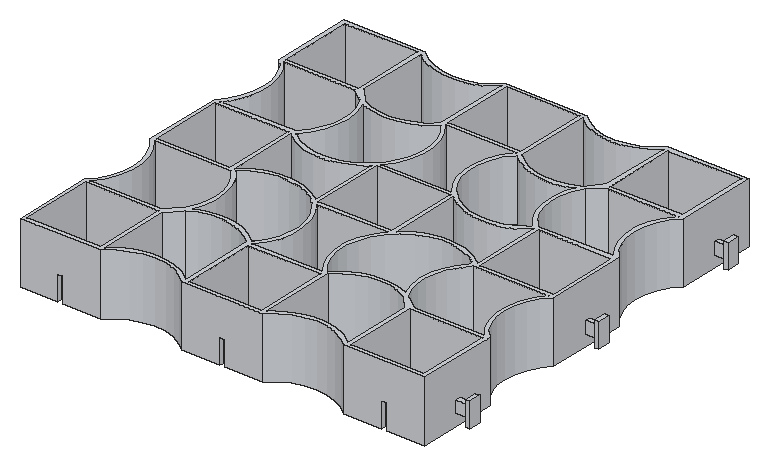
Revit family "E50", category Generic Models, Revit 2014
Parameters
  Model = "Ecoraster E50"
Reference planes
  plane 1 "Center (Front/Back)": y = 0
  plane 2: z = 0
  plane 3 "Center (Left/Right)": x = 0
  plane 4: y = 165
  plane 5: y = 297
  plane 6: y = 33
  plane 7: x = 33
  plane 8: x = 165
  plane 9: x = 297
  plane 10: y = 302
  plane 11: y = 292
  plane 12: y = 299
  plane 13: y = 295
Forms (mm)
  Extrusion 1, solid, detail levels fine
    sketch origin (0, 0, 0) x (1, 0, 0) y (0, 1, 0)
      loop
        line (66, 330) -> (0, 330) -> (0, 264)
        arc (0, 264) -> (13.669, 231) -> (0, 198) r 46.669
        line (0, 198) -> (0, 132)
        arc (0, 132) -> (13.669, 99) -> (0, 66) r 46.669
        line (0, 66) -> (0, 0) -> (66, 0)
        arc (66, 0) -> (99, 13.669) -> (132, 0) r 46.669
        line (132, 0) -> (198, 0)
        arc (198, 0) -> (231, 13.669) -> (264, 0) r 46.669
        line (264, 0) -> (330, 0) -> (330, 66)
        arc (330, 66) -> (316.331, 99) -> (330, 132) r 46.669
        line (330, 132) -> (330, 198)
        arc (330, 198) -> (316.331, 231) -> (330, 264) r 46.669
        line (330, 264) -> (330, 330) -> (264, 330)
        arc (264, 330) -> (231, 316.331) -> (198, 330) r 46.669
        line (198, 330) -> (132, 330)
        arc (132, 330) -> (99, 316.331) -> (66, 330) r 46.669
      loop
        line (3, 327) -> (3, 267) -> (63, 267) -> (63, 327) -> (3, 327)
      loop
        line (66, 325.878) -> (66, 268.122) -> (75.524, 256.665)
        arc (75.524, 256.665) -> (105.011, 250.72) -> (132, 264) r 46.669
        line (132, 264) -> (132, 325.878)
        arc (132, 325.878) -> (99, 313.331) -> (66, 325.878) r 49.669
      loop
        line (195, 327) -> (135, 327) -> (135, 267) -> (195, 267) -> (195, 327)
      loop
        line (198, 325.878) -> (198, 264)
        arc (198, 264) -> (224.989, 250.72) -> (254.476, 256.665) r 46.669
        line (254.476, 256.665) -> (264, 268.122) -> (264, 325.878)
        arc (264, 325.878) -> (231, 313.331) -> (198, 325.878) r 49.669
      loop
        line (327, 327) -> (267, 327) -> (267, 267) -> (327, 267) -> (327, 327)
      loop
        line (61.878, 264) -> (4.122, 264)
        arc (4.122, 264) -> (16.669, 231) -> (4.122, 198) r 49.669
        line (4.122, 198) -> (66, 198)
        arc (66, 198) -> (79.28, 224.989) -> (73.335, 254.476) r 46.669
        line (73.335, 254.476) -> (61.878, 264)
      loop
        arc (78.021, 251.979) -> (81.922, 222.416) -> (68.19, 195.947) r 49.669
        arc (68.19, 195.947) -> (132, 198) -> (134.053, 261.81) r 46.669
        arc (134.053, 261.81) -> (107.584, 248.078) -> (78.021, 251.979) r 49.669
      loop
        arc (136.122, 264) -> (148.669, 231) -> (136.122, 198) r 49.669
        line (136.122, 198) -> (193.878, 198)
        arc (193.878, 198) -> (181.331, 231) -> (193.878, 264) r 49.669
        line (193.878, 264) -> (136.122, 264)
      loop
        arc (195.947, 261.81) -> (198, 198) -> (261.81, 195.947) r 46.669
        arc (261.81, 195.947) -> (248.078, 222.416) -> (251.979, 251.979) r 49.669
        arc (251.979, 251.979) -> (222.416, 248.078) -> (195.947, 261.81) r 49.669
      loop
        line (268.122, 264) -> (256.665, 254.476)
        arc (256.665, 254.476) -> (250.72, 224.989) -> (264, 198) r 46.669
        line (264, 198) -> (325.878, 198)
        arc (325.878, 198) -> (313.331, 231) -> (325.878, 264) r 49.669
        line (325.878, 264) -> (268.122, 264)
      loop
        line (3, 195) -> (3, 135) -> (63, 135) -> (63, 195) -> (3, 195)
      loop
        line (66, 193.878) -> (66, 136.122)
        arc (66, 136.122) -> (99, 148.669) -> (132, 136.122) r 49.669
        line (132, 136.122) -> (132, 193.878)
        arc (132, 193.878) -> (99, 181.331) -> (66, 193.878) r 49.669
      loop
        line (195, 195) -> (135, 195) -> (135, 135) -> (195, 135) -> (195, 195)
      loop
        line (198, 193.878) -> (198, 136.122)
        arc (198, 136.122) -> (231, 148.669) -> (264, 136.122) r 49.669
        line (264, 136.122) -> (264, 193.878)
        arc (264, 193.878) -> (231, 181.331) -> (198, 193.878) r 49.669
      loop
        line (327, 195) -> (267, 195) -> (267, 135) -> (327, 135) -> (327, 195)
      loop
        line (66, 132) -> (4.122, 132)
        arc (4.122, 132) -> (16.669, 99) -> (4.122, 66) r 49.669
        line (4.122, 66) -> (61.878, 66) -> (73.335, 75.524)
        arc (73.335, 75.524) -> (79.28, 105.011) -> (66, 132) r 46.669
      loop
        arc (134.053, 68.19) -> (132, 132) -> (68.19, 134.053) r 46.669
        arc (68.19, 134.053) -> (81.922, 107.584) -> (78.021, 78.021) r 49.669
        arc (78.021, 78.021) -> (107.584, 81.922) -> (134.053, 68.19) r 49.669
      loop
        arc (136.122, 132) -> (148.669, 99) -> (136.122, 66) r 49.669
        line (136.122, 66) -> (193.878, 66)
        arc (193.878, 66) -> (181.331, 99) -> (193.878, 132) r 49.669
        line (193.878, 132) -> (136.122, 132)
      loop
        arc (261.81, 134.053) -> (198, 132) -> (195.947, 68.19) r 46.669
        arc (195.947, 68.19) -> (222.416, 81.922) -> (251.979, 78.021) r 49.669
        arc (251.979, 78.021) -> (248.078, 107.584) -> (261.81, 134.053) r 49.669
      loop
        arc (264, 132) -> (250.72, 105.011) -> (256.665, 75.524) r 46.669
        line (256.665, 75.524) -> (268.122, 66) -> (325.878, 66)
        arc (325.878, 66) -> (313.331, 99) -> (325.878, 132) r 49.669
        line (325.878, 132) -> (264, 132)
      loop
        line (63, 63) -> (3, 63) -> (3, 3) -> (63, 3) -> (63, 63)
      loop
        arc (132, 66) -> (105.011, 79.28) -> (75.524, 73.335) r 46.669
        line (75.524, 73.335) -> (66, 61.878) -> (66, 4.122)
        arc (66, 4.122) -> (99, 16.669) -> (132, 4.122) r 49.669
        line (132, 4.122) -> (132, 66)
      loop
        line (135, 63) -> (135, 3) -> (195, 3) -> (195, 63) -> (135, 63)
      loop
        arc (254.476, 73.335) -> (224.989, 79.28) -> (198, 66) r 46.669
        line (198, 66) -> (198, 4.122)
        arc (198, 4.122) -> (231, 16.669) -> (264, 4.122) r 49.669
        line (264, 4.122) -> (264, 61.878) -> (254.476, 73.335)
      loop
        line (267, 63) -> (267, 3) -> (327, 3) -> (327, 63) -> (267, 63)
    from 0 to 50
  Extrusion 2, solid, detail levels medium+fine
    sketch origin (0, 0, 0) x (1, 0, 0) y (0, 1, 0)
      loop
        line (330, 299) -> (330, 295) -> (340.742, 295) -> (340.742, 299) -> (330, 299)
    from 10 to 20
  Extrusion 3, solid, detail levels medium+fine
    sketch origin (0, 0, 0) x (1, 0, 0) y (0, 1, 0)
      loop
        line (340.742, 302) -> (340.742, 292) -> (344.123, 292) -> (344.123, 302) -> (340.742, 302)
    from 5 to 25
  Extrusion 4, solid, detail levels medium+fine
    sketch origin (0, -132, 0) x (1, 0, 0) y (0, 1, 0)
      loop
        line (330, 299) -> (330, 295) -> (340.742, 295) -> (340.742, 299) -> (330, 299)
    from 10 to 20
  Extrusion 5, solid, detail levels medium+fine
    sketch origin (0, -132, 0) x (1, 0, 0) y (0, 1, 0)
      loop
        line (340.742, 302) -> (340.742, 292) -> (344.123, 292) -> (344.123, 302) -> (340.742, 302)
    from 5 to 25
  Extrusion 6, solid, detail levels medium+fine
    sketch origin (0, -264, 0) x (1, 0, 0) y (0, 1, 0)
      loop
        line (330, 299) -> (330, 295) -> (340.742, 295) -> (340.742, 299) -> (330, 299)
    from 10 to 20
  Extrusion 7, solid, detail levels medium+fine
    sketch origin (0, -264, 0) x (1, 0, 0) y (0, 1, 0)
      loop
        line (340.742, 302) -> (340.742, 292) -> (344.123, 292) -> (344.123, 302) -> (340.742, 302)
    from 5 to 25
  Extrusion 8, solid, detail levels medium+fine
    sketch origin (594, 0, 0) x (0, 1, 0) y (-1, 0, 0)
      loop
        line (330, 299) -> (330, 295) -> (340.742, 295) -> (340.742, 299) -> (330, 299)
    from 10 to 20
  Extrusion 9, solid, detail levels medium+fine
    sketch origin (594, 0, 0) x (0, 1, 0) y (-1, 0, 0)
      loop
        line (340.742, 302) -> (340.742, 292) -> (344.123, 292) -> (344.123, 302) -> (340.742, 302)
    from 5 to 25
  Extrusion 10, solid, detail levels medium+fine
    sketch origin (462, 0, 0) x (0, 1, 0) y (-1, 0, 0)
      loop
        line (330, 299) -> (330, 295) -> (340.742, 295) -> (340.742, 299) -> (330, 299)
    from 10 to 20
  Extrusion 11, solid, detail levels medium+fine
    sketch origin (462, 0, 0) x (0, 1, 0) y (-1, 0, 0)
      loop
        line (340.742, 302) -> (340.742, 292) -> (344.123, 292) -> (344.123, 302) -> (340.742, 302)
    from 5 to 25
  Extrusion 12, solid, detail levels medium+fine
    sketch origin (330, 0, 0) x (0, 1, 0) y (-1, 0, 0)
      loop
        line (330, 299) -> (330, 295) -> (340.742, 295) -> (340.742, 299) -> (330, 299)
    from 10 to 20
  Extrusion 13, solid, detail levels medium+fine
    sketch origin (330, 0, 0) x (0, 1, 0) y (-1, 0, 0)
      loop
        line (340.742, 302) -> (340.742, 292) -> (344.123, 292) -> (344.123, 302) -> (340.742, 302)
    from 5 to 25
  Extrusion 14, void, detail levels fine
    sketch origin (0, 0, 0) x (1, 0, 0) y (0, 1, 0)
      loop
        line (0, 299) -> (0, 295) -> (3, 295) -> (3, 299) -> (0, 299)
    from 0 to 20
  Extrusion 15, void, detail levels fine
    sketch origin (0, -132, 0) x (1, 0, 0) y (0, 1, 0)
      loop
        line (0, 299) -> (0, 295) -> (3, 295) -> (3, 299) -> (0, 299)
    from 0 to 20
  Extrusion 16, void, detail levels fine
    sketch origin (0, -264, 0) x (1, 0, 0) y (0, 1, 0)
      loop
        line (0, 299) -> (0, 295) -> (3, 295) -> (3, 299) -> (0, 299)
    from 0 to 20
  Extrusion 17, void, detail levels fine
    sketch origin (-264, 3, 0) x (0, -1, 0) y (1, 0, 0)
      loop
        line (0, 299) -> (0, 295) -> (3, 295) -> (3, 299) -> (0, 299)
    from 0 to 20
  Extrusion 18, void, detail levels fine
    sketch origin (-132, 3, 0) x (0, -1, 0) y (1, 0, 0)
      loop
        line (0, 299) -> (0, 295) -> (3, 295) -> (3, 299) -> (0, 299)
    from 0 to 20
  Extrusion 19, void, detail levels fine
    sketch origin (0, 3, 0) x (0, -1, 0) y (1, 0, 0)
      loop
        line (0, 299) -> (0, 295) -> (3, 295) -> (3, 299) -> (0, 299)
    from 0 to 20
  Extrusion 20, solid, detail levels coarse+medium
    sketch origin (0, 0, 0) x (1, 0, 0) y (0, 1, 0)
      loop
        line (0, 330) -> (0, 0) -> (330, 0) -> (330, 330) -> (0, 330)
    from 0 to 50
  Extrusion 21, solid, detail levels coarse
    sketch origin (0, 0, 0) x (1, 0, 0) y (0, 1, 0)
      loop
        line (344.123, 28) -> (344.123, 302) -> (330, 302) -> (330, 28) -> (344.123, 28)
    from 5 to 25
  Extrusion 22, solid, detail levels coarse
    sketch origin (330, 0, 0) x (0, 1, 0) y (-1, 0, 0)
      loop
        line (344.123, 28) -> (344.123, 302) -> (330, 302) -> (330, 28) -> (344.123, 28)
    from 5 to 25
Cuts and joins
  Extrusion 14, Extrusion 15, Extrusion 16, Extrusion 17, Extrusion 18, Extrusion 19 cuts Extrusion 1
Lines and regions (mm)
  model lines, style "InvisibleLines"
    curve 1: arc (261.81, 134.053, 0) -> (198, 132, 0) -> (195.947, 68.19, 0) r 46.669
    curve 2: arc (264, 136.122, 0) -> (231, 148.669, 0) -> (198, 136.122, 0) r 49.669
    curve 3: arc (193.878, 132, 0) -> (181.331, 99, 0) -> (193.878, 66, 0) r 49.669
    curve 4: arc (264, 132, 0) -> (250.72, 105.011, 0) -> (256.665, 75.524, 0) r 46.669
    curve 5: arc (261.81, 134.053, 0) -> (248.078, 107.584, 0) -> (251.979, 78.021, 0) r 49.669
    curve 6: arc (254.476, 73.335, 0) -> (224.989, 79.28, 0) -> (198, 66, 0) r 46.669
    curve 7: arc (251.979, 78.021, 0) -> (222.416, 81.922, 0) -> (195.947, 68.19, 0) r 49.669
    curve 8: arc (330, 132, 0) -> (316.331, 99, 0) -> (330, 66, 0) r 46.669
    curve 9: arc (325.878, 132, 0) -> (313.331, 99, 0) -> (325.878, 66, 0) r 49.669
    curve 10: arc (264, 0, 0) -> (231, 13.669, 0) -> (198, 0, 0) r 46.669
    curve 11: arc (264, 4.122, 0) -> (231, 16.669, 0) -> (198, 4.122, 0) r 49.669
    curve 12: arc (134.053, 68.19, 0) -> (132, 132, 0) -> (68.19, 134.053, 0) r 46.669
    curve 13: arc (132, 136.122, 0) -> (99, 148.669, 0) -> (66, 136.122, 0) r 49.669
    curve 14: arc (136.122, 66, 0) -> (148.669, 99, 0) -> (136.122, 132, 0) r 49.669
    curve 15: arc (73.335, 75.524, 0) -> (79.28, 105.011, 0) -> (66, 132, 0) r 46.669
    curve 16: arc (78.021, 78.021, 0) -> (81.922, 107.584, 0) -> (68.19, 134.053, 0) r 49.669
    curve 17: arc (132, 66, 0) -> (105.011, 79.28, 0) -> (75.524, 73.335, 0) r 46.669
    curve 18: arc (134.053, 68.19, 0) -> (107.584, 81.922, 0) -> (78.021, 78.021, 0) r 49.669
    curve 19: arc (0, 66, 0) -> (13.669, 99, 0) -> (0, 132, 0) r 46.669
    curve 20: arc (4.122, 66, 0) -> (16.669, 99, 0) -> (4.122, 132, 0) r 49.669
    curve 21: arc (132, 0, 0) -> (99, 13.669, 0) -> (66, 0, 0) r 46.669
    curve 22: arc (132, 4.122, 0) -> (99, 16.669, 0) -> (66, 4.122, 0) r 49.669
    curve 23: arc (195.947, 261.81, 0) -> (198, 198, 0) -> (261.81, 195.947, 0) r 46.669
    curve 24: arc (198, 193.878, 0) -> (231, 181.331, 0) -> (264, 193.878, 0) r 49.669
    curve 25: arc (193.878, 264, 0) -> (181.331, 231, 0) -> (193.878, 198, 0) r 49.669
    curve 26: arc (256.665, 254.476, 0) -> (250.72, 224.989, 0) -> (264, 198, 0) r 46.669
    curve 27: arc (251.979, 251.979, 0) -> (248.078, 222.416, 0) -> (261.81, 195.947, 0) r 49.669
    curve 28: arc (198, 264, 0) -> (224.989, 250.72, 0) -> (254.476, 256.665, 0) r 46.669
    curve 29: arc (195.947, 261.81, 0) -> (222.416, 248.078, 0) -> (251.979, 251.979, 0) r 49.669
    curve 30: arc (330, 264, 0) -> (316.331, 231, 0) -> (330, 198, 0) r 46.669
    curve 31: arc (325.878, 264, 0) -> (313.331, 231, 0) -> (325.878, 198, 0) r 49.669
    curve 32: arc (198, 330, 0) -> (231, 316.331, 0) -> (264, 330, 0) r 46.669
    curve 33: arc (198, 325.878, 0) -> (231, 313.331, 0) -> (264, 325.878, 0) r 49.669
    curve 34: arc (68.19, 195.947, 0) -> (132, 198, 0) -> (134.053, 261.81, 0) r 46.669
    curve 35: arc (66, 193.878, 0) -> (99, 181.331, 0) -> (132, 193.878, 0) r 49.669
    curve 36: arc (136.122, 198, 0) -> (148.669, 231, 0) -> (136.122, 264, 0) r 49.669
    curve 37: arc (66, 198, 0) -> (79.28, 224.989, 0) -> (73.335, 254.476, 0) r 46.669
    curve 38: arc (68.19, 195.947, 0) -> (81.922, 222.416, 0) -> (78.021, 251.979, 0) r 49.669
    curve 39: arc (75.524, 256.665, 0) -> (105.011, 250.72, 0) -> (132, 264, 0) r 46.669
    curve 40: arc (78.021, 251.979, 0) -> (107.584, 248.078, 0) -> (134.053, 261.81, 0) r 49.669
    curve 41: arc (0, 198, 0) -> (13.669, 231, 0) -> (0, 264, 0) r 46.669
    curve 42: arc (4.122, 198, 0) -> (16.669, 231, 0) -> (4.122, 264, 0) r 49.669
    curve 43: arc (66, 330, 0) -> (99, 316.331, 0) -> (132, 330, 0) r 46.669
    curve 44: arc (66, 325.878, 0) -> (99, 313.331, 0) -> (132, 325.878, 0) r 49.669
    curve 45: line (132, 0, 0) -> (198, 0, 0)
    curve 46: line (264, 0, 0) -> (330, 0, 0)
    curve 47: line (330, 0, 0) -> (330, 66, 0)
    curve 48: line (136.122, 66, 0) -> (193.878, 66, 0)
    curve 49: line (195, 63, 0) -> (195, 3, 0)
    curve 50: line (195, 3, 0) -> (135, 3, 0)
    curve 51: line (135, 3, 0) -> (135, 63, 0)
    curve 52: line (135, 63, 0) -> (195, 63, 0)
    curve 53: line (256.665, 75.524, 0) -> (268.122, 66, 0)
    curve 54: line (268.122, 66, 0) -> (325.878, 66, 0)
    curve 55: line (327, 63, 0) -> (327, 3, 0)
    curve 56: line (327, 3, 0) -> (267, 3, 0)
    curve 57: line (267, 3, 0) -> (267, 63, 0)
    curve 58: line (267, 63, 0) -> (327, 63, 0)
    curve 59: line (136.122, 132, 0) -> (193.878, 132, 0)
    curve 60: line (195, 195, 0) -> (135, 195, 0)
    curve 61: line (135, 195, 0) -> (135, 135, 0)
    curve 62: line (135, 135, 0) -> (195, 135, 0)
    curve 63: line (195, 135, 0) -> (195, 195, 0)
    curve 64: line (264, 132, 0) -> (325.878, 132, 0)
    curve 65: line (327, 195, 0) -> (267, 195, 0)
    curve 66: line (267, 195, 0) -> (267, 135, 0)
    curve 67: line (267, 135, 0) -> (327, 135, 0)
    curve 68: line (327, 135, 0) -> (327, 195, 0)
    curve 69: line (330, 132, 0) -> (330, 198, 0)
    curve 70: line (264, 4.122, 0) -> (264, 61.878, 0)
    curve 71: line (264, 61.878, 0) -> (254.476, 73.335, 0)
    curve 72: line (264, 136.122, 0) -> (264, 193.878, 0)
    curve 73: line (198, 4.122, 0) -> (198, 66, 0)
    curve 74: line (198, 136.122, 0) -> (198, 193.878, 0)
    curve 75: line (66, 0, 0) -> (0, 0, 0)
    curve 76: line (0, 0, 0) -> (0, 66, 0)
    curve 77: line (73.335, 75.524, 0) -> (61.878, 66, 0)
    curve 78: line (61.878, 66, 0) -> (4.122, 66, 0)
    curve 79: line (3, 63, 0) -> (3, 3, 0)
    curve 80: line (3, 3, 0) -> (63, 3, 0)
    curve 81: line (63, 3, 0) -> (63, 63, 0)
    curve 82: line (63, 63, 0) -> (3, 63, 0)
    curve 83: line (66, 132, 0) -> (4.122, 132, 0)
    curve 84: line (3, 195, 0) -> (63, 195, 0)
    curve 85: line (63, 195, 0) -> (63, 135, 0)
    curve 86: line (63, 135, 0) -> (3, 135, 0)
    curve 87: line (3, 135, 0) -> (3, 195, 0)
    curve 88: line (0, 132, 0) -> (0, 198, 0)
    curve 89: line (66, 4.122, 0) -> (66, 61.878, 0)
    curve 90: line (66, 61.878, 0) -> (75.524, 73.335, 0)
    curve 91: line (66, 136.122, 0) -> (66, 193.878, 0)
    curve 92: line (132, 4.122, 0) -> (132, 66, 0)
    curve 93: line (132, 136.122, 0) -> (132, 193.878, 0)
    curve 94: line (132, 330, 0) -> (198, 330, 0)
    curve 95: line (264, 330, 0) -> (330, 330, 0)
    curve 96: line (330, 330, 0) -> (330, 264, 0)
    curve 97: line (136.122, 264, 0) -> (193.878, 264, 0)
    curve 98: line (195, 267, 0) -> (195, 327, 0)
    curve 99: line (195, 327, 0) -> (135, 327, 0)
    curve 100: line (135, 327, 0) -> (135, 267, 0)
    curve 101: line (135, 267, 0) -> (195, 267, 0)
    curve 102: line (256.665, 254.476, 0) -> (268.122, 264, 0)
    curve 103: line (268.122, 264, 0) -> (325.878, 264, 0)
    curve 104: line (327, 267, 0) -> (327, 327, 0)
    curve 105: line (327, 327, 0) -> (267, 327, 0)
    curve 106: line (267, 327, 0) -> (267, 267, 0)
    curve 107: line (267, 267, 0) -> (327, 267, 0)
    curve 108: line (136.122, 198, 0) -> (193.878, 198, 0)
    curve 109: line (264, 198, 0) -> (325.878, 198, 0)
    curve 110: line (264, 325.878, 0) -> (264, 268.122, 0)
    curve 111: line (264, 268.122, 0) -> (254.476, 256.665, 0)
    curve 112: line (198, 325.878, 0) -> (198, 264, 0)
    curve 113: line (66, 330, 0) -> (0, 330, 0)
    curve 114: line (0, 330, 0) -> (0, 264, 0)
    curve 115: line (73.335, 254.476, 0) -> (61.878, 264, 0)
    curve 116: line (61.878, 264, 0) -> (4.122, 264, 0)
    curve 117: line (3, 267, 0) -> (3, 327, 0)
    curve 118: line (3, 327, 0) -> (63, 327, 0)
    curve 119: line (63, 327, 0) -> (63, 267, 0)
    curve 120: line (63, 267, 0) -> (3, 267, 0)
    curve 121: line (66, 198, 0) -> (4.122, 198, 0)
    curve 122: line (66, 325.878, 0) -> (66, 268.122, 0)
    curve 123: line (66, 268.122, 0) -> (75.524, 256.665, 0)
    curve 124: line (132, 325.878, 0) -> (132, 264, 0)
Dimensions and locks
  aligned and locked: Extrusion 2 sketch curve to plane 12
  aligned and locked: Extrusion 2 sketch curve to curve 96
  aligned and locked: plane 13 to Extrusion 2 sketch curve
  aligned and locked: Extrusion 2 to Extrusion 3
  aligned and locked: Extrusion 4 to Extrusion 5  (x2)
  aligned and locked: Extrusion 6 to Extrusion 7  (x2)
  aligned and locked: Extrusion 4 to Extrusion 1
  aligned and locked: Extrusion 6 to Extrusion 1
  aligned and locked: Extrusion 9 to Extrusion 8  (x2)
  aligned and locked: Extrusion 11 to Extrusion 10  (x2)
  aligned and locked: Extrusion 13 to Extrusion 12  (x2)
  aligned and locked: Extrusion 8 to Extrusion 1
  aligned and locked: Extrusion 8 to Extrusion 9
  aligned and locked: Extrusion 10 to Extrusion 1
  aligned and locked: Extrusion 10 to Extrusion 11
  aligned and locked: Extrusion 12 to Extrusion 1
  aligned and locked: Extrusion 12 to Extrusion 13
  aligned and locked: Extrusion 14 sketch curve to plane 12
  aligned and locked: plane 3 "Center (Left/Right)" to Extrusion 14 sketch curve
  aligned and locked: plane 13 to Extrusion 14 sketch curve
  aligned and locked: Extrusion 14 sketch curve to curve 117
  aligned and locked: Extrusion 20 to cut or joined group of Extrusion 1, Extrusion 14, Extrusion 15, Extrusion 16, Extrusion 17, Extrusion 18, Extrusion 19
